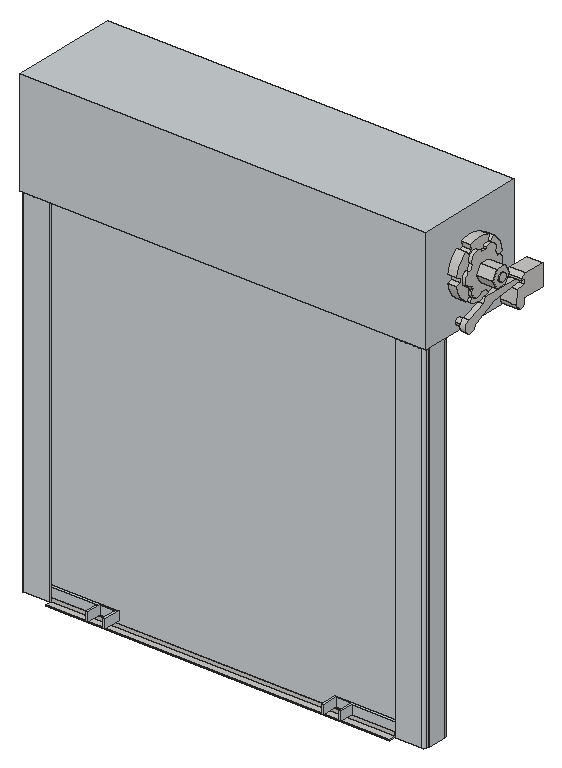
Revit family "Overhead_Door-CHI_Overhead_Doors-Counter_Shutter-7500", category Specialty Equipment, host Wall, Revit 2026
Family settings
  Host = Wall
  Round Connector Dimension = Use Diameter
  Part Type = Normal
  Classification Number = 23.30.10.21
  Enable Cutting in Views = No
  Always vertical = Yes
  Cut with Voids When Loaded = No
  Maintain Annotation Orientation = No
  Shared = No
  Room Calculation Point = No
Parameters (values of type "Fire Counter Shutter - 7566 - Stainless Steel - F1.5 Flat Slat")
  Warranty URL = "https://www.chiohd.com/support/warranty"
  Voltage = 0 V
  Version = "2021-v1.a"  # constant formula
  URL = "https://www.chiohd.com/"
  Support Phone = "(224) 699-9545"  # constant formula
  Support Email = "mailto:support@bimsmith.com"
  Steel Gauge = "min. 22"  # constant formula
  Shutter Box Bottom Gap = 0' - 1 1/2"  # constant formula
  Rail Length [instance] = Opening Height + 0' 1 1/2"  # 3' - 1 1/2"
  Product Page URL = "https://www.chiohd.com/commercial-doors/fire-shutters/7566"
  Product Documentation Link = "https://cdn2.hubspot.net/hubfs/2029938/Architects-Specifications/roll-up-door-7500.pdf"
  Panel Thickness = 0' - 0 1/2"  # constant formula
  Panel Finish = Steel - C.H.I Overhead Doors - F1.5 Flat Slat - Stainless
  Operator Selection [instance] = if(and(Opening Width > 10' 4", Operator = 1), "Not Supported for the Selected Width", if(Operator = 1, "Manual Push-Up", if(Operator = 2, "Awning Crank", if(Operator = 3, "Motor", "Select Operator"))))  # "Manual Push-Up"
  Operator [instance] = 1
  Opening Width [instance] = if(Desired Opening Width < C Min Width, C Min Width, if(Desired Opening Width > C Max Width, C Max Width, Desired Opening Width))  # 3' - 0"
  Opening Height [instance] = if(Desired Opening Height < C Min Height, C Min Height, if(Desired Opening Height > C Max Height, C Max Height, Desired Opening Height))  # 3' - 0"
  Number of Poles = 1
  Motor [instance] = Operator = 3  # no
  Model = if(C Model = 1, "7522", if(C Model = 2, "7566", "NA"))  # "7566"
  Material = Steel - C.H.I Overhead Doors - Stainless
  Manufacturer Phone Number = "800-738-5006"  # constant formula
  Manufacturer Fax Number = "800-677-2650"  # constant formula
  Manufacturer Email = "mailto:aia@chiohd.com"
  Manufacturer Address = "1485 Sunrise Drive, Arthur, IL 61911"  # constant formula
  Manufacturer = "C.H.I. Overhead Doors"  # constant formula
  Manual Shutterbox [instance] = or([C Manual Push-Up], Operator = 2)  # yes
  Manual Push-Up [instance] = Operator = 1  # yes
  Locks Material = Steel - C.H.I Overhead Doors - Stainless
  Load Classification = Motor
  Keynote = "08 30 00"
  Guides Material = Steel - C.H.I Overhead Doors - Stainless
  Fire Rating = "3/4 Hr | 1-1/2 Hr | 3 Hr"  # constant formula
  Door Size Limits [instance] = "Min Size 3' x 3' │ Max Size 13'W x 8'-4\"H"  # constant formula
  Desired Opening Height [instance] = 3' - 0"
  Desired Opening Width [instance] = 3' - 0"
  Description = "Fire Shutter Door"  # constant formula
  Default Elevation = 2' - 4"  # constant formula
  Copyright = "©2024 C.H.I. Overhead Doors - a NUCOR® company All information presented is based on the specifications and features available at the time of printing and is subject to change without notice."  # constant formula
  C Model = 2
  C Manual Push-Up [instance] = if(and(Opening Width > 10' 4", Operator = 1), 0 = 1, [Manual Push-Up])  # yes
  C Awning Crank [instance] = if(and(Opening Width > 10' 4", Operator = 1), 1 = 1, Awning Crank)  # no
  Back Room = 0' - 11 1/2"  # constant formula
  Awning Crank [instance] = Operator = 2  # no
  C Y [instance] = 0' - 3 1/4"  # constant formula
  C X [instance] = if(C Awning Crank, 0' 4 33/256", 0' 6 33/256")  # 0' - 6 33/256"
  Side Extension [instance] = if(C Awning Crank, 0' 7 1/2", 0' 5 1/2")  # 0' - 5 1/2"
  C Min Width [instance] = 3' - 0"  # constant formula
  C Min Height [instance] = 3' - 0"  # constant formula
  C Max Width [instance] = 13' - 0"  # constant formula
  C Max Height [instance] = 8' - 4"  # constant formula
  C Headroom [instance] = 1' - 0 1/2"  # constant formula
  C H [instance] = 1' - 0 1/2"  # constant formula
  C D [instance] = 0' - 6 1/2"  # constant formula
  Assembly Code = "B2030410"
  Apparent Load Phase 3 = 0 VA
  Apparent Load Phase 2 = 0 VA
  Apparent Load Phase 1 = 0 VA
Reference planes (in)
  plane 1: y = 0
  plane 2 "Center (Left/Right)": x = 0
  plane 3 "Wall Edge": y = 3
  plane 4: x = -18
  plane 5: x = 18
  plane 6: z = 28
  plane 7: z = 76.5
  plane 8: z = 65.5
  plane 9: x = 24.5
  plane 10: x = -23.5
  plane 11: x = 21.25
  plane 12: x = -21.25
  plane 13: z = 64
  plane 14: y = 3.7501
  plane 15: y = 14.5
  plane 16: z = 71
  plane 17: x = -21.25
  plane 18: y = 8.75
  plane 19: z = 84.4
Forms (in)
  Extrusion 1, solid, material "Steel - C.H.I Overhead Doors - Stainless" <- "Material"
    sketch origin (0, 0, 0) x (0, 1, 0) y (0, 0, 1)
      loop
        line (3, 76.5) -> (3, 65.5) -> (14.5, 65.5) -> (14.5, 76.5) -> (3, 76.5)
    from -21.25 to 21.25
  Extrusion 2, solid, material "Steel - C.H.I Overhead Doors - Stainless" <- "Locks Material", detail levels fine
    sketch origin (0, 0, 0) x (1, 0, 0) y (0, 1, 0)
      loop
        line (19, 3.5001) -> (11.33608, 3.5001) -> (11.33608, 1.7502) -> (11.56687, 1.7502) -> (11.56687, 3.31254) -> (13.13107, 3.31254) -> (13.13107, 1.7502) -> (13.36185, 1.7502) -> (13.36185, 3.12498) -> (19, 3.12498) -> (19, 3.5001)
      loop
        line (-19, 3.5001) -> (-19, 3.12498) -> (-13.36185, 3.12498) -> (-13.36185, 1.7502) -> (-13.13107, 1.7502) -> (-13.13107, 3.31254) -> (-11.56687, 3.31254) -> (-11.56687, 1.7502) -> (-11.33608, 1.7502) -> (-11.33608, 3.5001) -> (-19, 3.5001)
    from 28.43734 to 29.36549
  Extrusion 3, solid, material "Steel - C.H.I Overhead Door", detail levels fine
    sketch origin (0, 0, 0) x (0, 1, 0) y (0, 0, 1)
      loop
        line (2.31159, 28.06864) -> (2.31159, 28) -> (3.12498, 28) -> (3.12498, 28.43734) -> (3.06159, 28.43734) -> (3.06159, 28.06864) -> (2.31159, 28.06864)
    from -18 to 18
Lines and regions (in)
  Opening 1
    outline origin (-60, -3, 0) x (1, 0, 0) y (0, 0, 1)
      loop
        line (78, 64) -> (42, 64) -> (42, 28) -> (78, 28) -> (78, 64)
Text (in)
  text "Placement Side" at (0, 40.15149, 123.01588), in view "Right"
  text "Placement Side" at (-70.3804, 28.46503, 0), in view "Ref. Level"
  text "Placement Side" at (0, 81.62555, 140.59947), in view "Left"
Dimensions and locks (in)
  locked: plane 3 "Wall Edge" to host wall
  "C H": plane 7 to plane 13
  "Side Extension": plane 10 to plane 4
  "C Y": plane 4 to plane 12
  "C D": plane 9 to plane 5
  "C Y": plane 11 to plane 5
  equal spacing: plane 5, plane 2 "Center (Left/Right)", plane 4
  "Shutter Box Bottom Gap": plane 13 to plane 8
  "Opening Width": plane 5 to plane 4
  nested 3 to plane 3 "Wall Edge" = 0' - 1.37522"
  locked: plane 14 to plane 3 "Wall Edge" at 0.7501
  locked: nested 1 to plane 14 at 0.25
  "Back Room": plane 3 "Wall Edge" to plane 15
  plane 3 "Wall Edge" to Extrusion 1 sketch curve = 0' - 0"
  equal spacing: plane 8, plane 16, plane 7
  locked: plane 10 to plane 17 at 2.25
  equal spacing: plane 15, plane 18, plane 3 "Wall Edge"
  nested 6 to plane 15 = 1' - 1"
  Extrusion 2 sketch curve to Extrusion 2 sketch curve to Extrusion 2 sketch curve to Extrusion 2 sketch curve to plane 5 to Extrusion 2 sketch curve = 0' - 0.23078" locked, 0' - 1.5642" locked, 0' - 0.23078" locked, 0' - 4.63815" locked, 0' - 1" locked
  Extrusion 2 sketch curve to Extrusion 2 sketch curve to Extrusion 2 sketch curve to plane 3 "Wall Edge" to Extrusion 2 sketch curve = 0' - 0.18756" locked, 0' - 0.18756" locked, 0' - 0 1/8" locked, 0' - 1.2498" locked  (x2)
  Extrusion 2 to Extrusion 2 to plane 6 = 0' - 0.92815" locked, 0' - 0.43734" locked
  Extrusion 2 sketch curve to Extrusion 2 sketch curve to Extrusion 2 sketch curve to Extrusion 2 sketch curve to Extrusion 2 sketch curve = 0' - 0.23078" locked, 0' - 1.5642" locked, 0' - 0.23078" locked, 0' - 5.63815" locked
  locked: Extrusion 2 sketch curve to plane 4 at 1
  Extrusion 2 sketch curve to plane 3 "Wall Edge" = 0' - 0.5001"
  plane 6 to Extrusion 3 sketch curve to Extrusion 3 sketch curve = 0' - 0.06864" locked, 0' - 0.3687" locked
  Extrusion 3 sketch curve to Extrusion 3 sketch curve to plane 3 "Wall Edge" to Extrusion 3 sketch curve = 0' - 0.06339" locked, 0' - 0.06159" locked, 0' - 0.68841" locked
  "Opening Height": plane 6 to plane 13
  "Default Elevation": level to plane 6
  aligned and locked: plane 5 to Opening 1 sketch curve
  aligned and locked: plane 4 to Opening 1 sketch curve
  aligned and locked: plane 6 to Opening 1 sketch curve
  aligned and locked: plane 2 "Center (Left/Right)" to nested 1
  aligned and locked: plane 5 to nested 2
  aligned and locked: plane 3 "Wall Edge" to nested 2
  aligned and locked: nested 3 to plane 3 "Wall Edge"
  aligned and locked: Opening 1 sketch curve to plane 13
  aligned and locked: plane 4 to nested 3
  aligned and locked: Extrusion 1 sketch curve to plane 7
  aligned and locked: plane 8 to Extrusion 1 sketch curve
  aligned and locked: plane 15 to Extrusion 1 sketch curve
  aligned and locked: Extrusion 1 to plane 11
  aligned and locked: plane 16 to nested 4  (x2)
  aligned and locked: Extrusion 1 to plane 17
  aligned and locked: nested 4 to plane 11
  aligned and locked: plane 17 to nested 5
  aligned and locked: plane 15 to nested 6
  aligned and locked: nested 6 to plane 17
  aligned and locked: plane 16 to nested 6
  aligned and locked: plane 18 to nested 5
  aligned and locked: plane 18 to nested 4
  aligned and locked: plane 16 to nested 5
  aligned and locked: Extrusion 2 sketch curve to Extrusion 2 sketch curve  (x2)
  aligned and locked: Extrusion 3 sketch curve to plane 6
  aligned and locked: Extrusion 3 to plane 4
  aligned and locked: plane 5 to Extrusion 3
  aligned and locked: nested 3 to plane 6
  aligned and locked: plane 6 to nested 2
  aligned and locked: plane 6 to nested 1
Nested families (in)
  nested 1: "Nested-Panel" at (0, 4.0001, 28), type "Default"
    with Top Offset 1' - 0", Thickness 0' - 0 1/2", Opening Width 3' - 0", Opening Height 3' - 0"
  nested 2: "Nested-Rails" at (18, 3, 28), Height <- "Rail Length", type "Family1"
    with Height 3' - 1 1/2"
  nested 3: "Nested-Rails" at (-18, 3, 28) x (-1, 0, 0) z (0, 0, 1), Height <- "Rail Length", type "Family1"
    with Height 3' - 1 1/2"
  nested 4: "Tension&Drive Headplates" at (21.875, 8.75, 65.5) x (0, 1, 0) z (0, 0, 1), type "Tension Head Plate"
  nested 5: "Tension&Drive Headplates" at (-20.625, 8.75, 65.5) x (0, 1, 0) z (0, 0, 1), type "Drive Head Plate"
  nested 6: "Motor" at (-12.75, 14.5, 65.5) x (-1, 0, 0) z (0, 0, 1), visible <- "Motor", type "FS-EP Motor"
Connectors (in)
  electrical at (-21.25, 25.33333, 71), driven by "Number of Poles", driven by "Load Classification", driven by "Voltage", driven by "Apparent Load Phase 1", driven by "Apparent Load Phase 2", driven by "Apparent Load Phase 3"
    settings: on nested 6, index 1, voltage 0 V, apparent load 0 VA, apparent load phase1 0 VA, apparent load phase2 0 VA, apparent load phase3 0 VA, power factor 1, load classification "Motor", number of poles 1, system type 31, power factor state 1, is connector primary yes, connector utility no, sub classification motor no, connector description "Power Supply"
Definition of nested family "Nested-Panel"
  Parameters (values of type "Family7")
    Top Offset = 0' - 2.53682"
    Thickness = 0' - 1.16832"
    Surface Materal = none
    Side Offset = 0' - 1"
    Opening Width = 3' - 4.99828"
    Opening Height = 2' - 7.35197"
    Material = none
    Default Elevation = 0' - 0"
  Reference planes (in)
    plane 1 "Center (Front/Back)": y = 0
    plane 2: z = 0
    plane 3 "Center (Left/Right)": x = 0
    plane 4: x = -20.49914
    plane 5: x = 20.49914
    plane 6: z = 31.35197
    plane 7: y = -1.16832
    plane 8: x = 21.49914
    plane 9: x = -21.49914
    plane 10: z = 33.88879
  Forms (in)
    Extrusion 1, solid, material <- "Material"
      sketch origin (0, 0, 0) x (1, 0, 0) y (0, 1, 0)
        loop
          line (-21.49914, 0) -> (-21.49914, -1.16832) -> (21.49914, -1.16832) -> (21.49914, 0) -> (-21.49914, 0)
      from 0 to 33.88879
  Lines and regions (in)
    Filled region 1, type "Patterns Rolling Fire-1", in view "Ref. Level"
      outline origin (0, 0, 0) x (1, 0, 0) y (0, 1, 0)
        loop
          spline (33.88134, 3.626) -> (33.87738, 3.62284) -> (33.87368, 3.61919) -> (33.87026, 3.61503) -> (33.86711, 3.61037) -> (33.86422, 3.6052) -> (33.86161, 3.59953) -> (33.85934, 3.59342) -> (33.85748, 3.58692) -> (33.85604, 3.58004) -> (33.85501, 3.57278) -> (33.85439, 3.56514) -> (33.85418, 3.55712)
          spline (33.85418, 3.55712) -> (33.85426, 3.55237) -> (33.8545, 3.54774) -> (33.8549, 3.54322) -> (33.85546, 3.53882) -> (33.85619, 3.53454) -> (33.85707, 3.53037) -> (33.85811, 3.52631) -> (33.85932, 3.52238) -> (33.86068, 3.51856) -> (33.86221, 3.51485) -> (33.8639, 3.51126) -> (33.86575, 3.50779)
          spline (33.86575, 3.50779) -> (33.87049, 3.50036) -> (33.87563, 3.49428) -> (33.88116, 3.48956) -> (33.88701, 3.48619) -> (33.89351, 3.48417) -> (33.89935, 3.48347) -> (33.90366, 3.48371) -> (33.90718, 3.48438) -> (33.91057, 3.48546) -> (33.91421, 3.487) -> (33.9179, 3.48897) -> (33.9216, 3.49138)
          spline (33.9216, 3.49138) -> (33.92344, 3.49278) -> (33.92522, 3.4943) -> (33.92695, 3.49595) -> (33.92862, 3.49774) -> (33.93024, 3.49966) -> (33.9318, 3.50171) -> (33.93331, 3.5039) -> (33.93476, 3.50622) -> (33.93616, 3.50866) -> (33.9375, 3.51125) -> (33.93879, 3.51396) -> (33.94002, 3.5168)
          spline (33.94002, 3.5168) -> (33.94222, 3.52285) -> (33.94402, 3.52932) -> (33.94543, 3.53621) -> (33.94644, 3.5434) -> (33.94704, 3.55113) -> (33.94724, 3.56051) -> (33.94677, 3.57075) -> (33.9454, 3.58142) -> (33.94312, 3.5914) -> (33.93992, 3.60043) -> (33.93581, 3.60863) -> (33.93079, 3.61601)
          spline (33.93079, 3.61601) -> (33.92631, 3.62117) -> (33.92162, 3.62539) -> (33.91679, 3.62867) -> (33.91178, 3.63102) -> (33.90621, 3.63238) -> (33.90124, 3.63288) -> (33.89764, 3.63271) -> (33.89441, 3.6321) -> (33.89109, 3.63115) -> (33.88777, 3.62983) -> (33.88453, 3.62811) -> (33.88134, 3.626)
    Filled region 2, type "Patterns Rolling Fire-1", in view "Ref. Level"
      outline origin (0, 0, 0) x (1, 0, 0) y (0, 1, 0)
        loop
          spline (33.98999, 3.626) -> (33.98603, 3.62284) -> (33.98233, 3.61919) -> (33.97891, 3.61503) -> (33.97576, 3.61037) -> (33.97287, 3.6052) -> (33.97026, 3.59953) -> (33.96799, 3.59342) -> (33.96613, 3.58692) -> (33.96469, 3.58004) -> (33.96366, 3.57278) -> (33.96304, 3.56514) -> (33.96283, 3.55712)
          spline (33.96283, 3.55712) -> (33.96291, 3.55237) -> (33.96315, 3.54774) -> (33.96355, 3.54322) -> (33.96411, 3.53882) -> (33.96483, 3.53454) -> (33.96572, 3.53037) -> (33.96676, 3.52631) -> (33.96797, 3.52238) -> (33.96933, 3.51856) -> (33.97086, 3.51485) -> (33.97255, 3.51126) -> (33.9744, 3.50779)
          spline (33.9744, 3.50779) -> (33.97914, 3.50036) -> (33.98428, 3.49428) -> (33.98981, 3.48956) -> (33.99566, 3.48619) -> (34.00216, 3.48417) -> (34.008, 3.48347) -> (34.01231, 3.48371) -> (34.01583, 3.48438) -> (34.01922, 3.48546) -> (34.02286, 3.487) -> (34.02655, 3.48897) -> (34.03025, 3.49138)
          spline (34.03025, 3.49138) -> (34.03209, 3.49278) -> (34.03387, 3.4943) -> (34.0356, 3.49595) -> (34.03727, 3.49774) -> (34.03889, 3.49966) -> (34.04045, 3.50171) -> (34.04196, 3.5039) -> (34.04341, 3.50622) -> (34.04481, 3.50866) -> (34.04615, 3.51125) -> (34.04744, 3.51396) -> (34.04867, 3.5168)
          spline (34.04867, 3.5168) -> (34.05087, 3.52285) -> (34.05267, 3.52932) -> (34.05408, 3.53621) -> (34.05509, 3.5434) -> (34.05569, 3.55113) -> (34.05588, 3.56051) -> (34.05542, 3.57075) -> (34.05405, 3.58142) -> (34.05177, 3.5914) -> (34.04857, 3.60043) -> (34.04446, 3.60863) -> (34.03944, 3.61601)
          spline (34.03944, 3.61601) -> (34.03496, 3.62117) -> (34.03027, 3.62539) -> (34.02544, 3.62867) -> (34.02043, 3.63102) -> (34.01486, 3.63238) -> (34.00989, 3.63288) -> (34.00629, 3.63271) -> (34.00306, 3.6321) -> (33.99974, 3.63115) -> (33.99642, 3.62983) -> (33.99318, 3.62811) -> (33.98999, 3.626)
    Filled region 3, type "Patterns Rolling Fire-1", in view "Ref. Level"
      outline origin (0, 0, 0) x (1, 0, 0) y (0, 1, 0)
        loop
          spline (34.21632, 4.22132) -> (34.21726, 4.2198) -> (34.21838, 4.2182) -> (34.21967, 4.21652) -> (34.22114, 4.21477) -> (34.22279, 4.21293) -> (34.22461, 4.21102) -> (34.22661, 4.20902) -> (34.22878, 4.20695) -> (34.23113, 4.2048) -> (34.23366, 4.20257) -> (34.23635, 4.20026) -> (34.23923, 4.19787)
          spline (34.23923, 4.19787) -> (34.23657, 4.19591) -> (34.23404, 4.19398) -> (34.23165, 4.19208) -> (34.2294, 4.19021) -> (34.22728, 4.18837) -> (34.22529, 4.18655) -> (34.22344, 4.18477) -> (34.22173, 4.18301) -> (34.22015, 4.18129) -> (34.2187, 4.17959) -> (34.21739, 4.17792) -> (34.21621, 4.17628)
          spline (34.21621, 4.17628) -> (34.21416, 4.17301) -> (34.21249, 4.16973) -> (34.21119, 4.16644) -> (34.21026, 4.16316) -> (34.20969, 4.15989) -> (34.20952, 4.15646) -> (34.2098, 4.15256) -> (34.21057, 4.14833) -> (34.21189, 4.1443) -> (34.21374, 4.14048) -> (34.21612, 4.13674) -> (34.21903, 4.1331)
          spline (34.21903, 4.1331) -> (34.22801, 4.12567) -> (34.23915, 4.12121) -> (34.25215, 4.11971) -> (34.2645, 4.12096) -> (34.27502, 4.1247) -> (34.28388, 4.13093) -> (34.29059, 4.13894) -> (34.29461, 4.14791) -> (34.29595, 4.15788) -> (34.29502, 4.16619) -> (34.29221, 4.17408) -> (34.28756, 4.18174)
          spline (34.28756, 4.18174) -> (34.28641, 4.18321) -> (34.28508, 4.18478) -> (34.28357, 4.18644) -> (34.28188, 4.18818) -> (34.28001, 4.19002) -> (34.27795, 4.19195) -> (34.27571, 4.19396) -> (34.27329, 4.19607) -> (34.27069, 4.19826) -> (34.2679, 4.20054) -> (34.26494, 4.20292) -> (34.26179, 4.20538)
          spline (34.26179, 4.20538) -> (34.26485, 4.20733) -> (34.26773, 4.20924) -> (34.27043, 4.2111) -> (34.27296, 4.21292) -> (34.2753, 4.2147) -> (34.27746, 4.21643) -> (34.27944, 4.21812) -> (34.28125, 4.21977) -> (34.28287, 4.22137) -> (34.28431, 4.22293) -> (34.28558, 4.22445) -> (34.28667, 4.22592)
          spline (34.28667, 4.22592) -> (34.28849, 4.22885) -> (34.28998, 4.23174) -> (34.29114, 4.23454) -> (34.29197, 4.23729) -> (34.29247, 4.24018) -> (34.29263, 4.24339) -> (34.2923, 4.24704) -> (34.29139, 4.25107) -> (34.28986, 4.25501) -> (34.28771, 4.25866) -> (34.28494, 4.26215) -> (34.28156, 4.26551)
          spline (34.28156, 4.26551) -> (34.27768, 4.26852) -> (34.27342, 4.27098) -> (34.26877, 4.27289) -> (34.26369, 4.27425) -> (34.25815, 4.27507) -> (34.25233, 4.27533) -> (34.24644, 4.27504) -> (34.24077, 4.27416) -> (34.23554, 4.2727) -> (34.23077, 4.27065) -> (34.2264, 4.26802) -> (34.22244, 4.26481)
          spline (34.22244, 4.26481) -> (34.219, 4.26117) -> (34.21618, 4.25732) -> (34.21399, 4.25323) -> (34.21242, 4.24889) -> (34.21151, 4.24438) -> (34.21118, 4.24008) -> (34.21128, 4.23649) -> (34.21174, 4.23337) -> (34.21247, 4.23035) -> (34.21347, 4.22731) -> (34.21475, 4.22429) -> (34.21632, 4.22132)
    Filled region 4, type "Patterns Rolling Fire-1", in view "Ref. Level"
      outline origin (0, 0, 0) x (1, 0, 0) y (0, 1, 0)
        loop
          spline (36.31998, 5.04013) -> (36.32092, 5.03861) -> (36.32204, 5.03701) -> (36.32334, 5.03533) -> (36.32481, 5.03358) -> (36.32645, 5.03174) -> (36.32828, 5.02983) -> (36.33027, 5.02783) -> (36.33245, 5.02576) -> (36.3348, 5.02361) -> (36.33732, 5.02138) -> (36.34002, 5.01907) -> (36.3429, 5.01668)
          spline (36.3429, 5.01668) -> (36.34024, 5.01472) -> (36.33772, 5.01279) -> (36.33532, 5.01089) -> (36.33307, 5.00902) -> (36.33095, 5.00718) -> (36.32896, 5.00536) -> (36.32711, 5.00358) -> (36.32539, 5.00182) -> (36.3238, 5.0001) -> (36.32235, 4.9984) -> (36.32104, 4.99673) -> (36.31986, 4.99509)
          spline (36.31986, 4.99509) -> (36.31782, 4.99182) -> (36.31615, 4.98854) -> (36.31485, 4.98525) -> (36.31391, 4.98197) -> (36.31334, 4.9787) -> (36.31317, 4.97527) -> (36.31345, 4.97137) -> (36.31423, 4.96714) -> (36.31554, 4.96311) -> (36.3174, 4.95929) -> (36.31978, 4.95555) -> (36.32268, 4.95191)
          spline (36.32268, 4.95191) -> (36.32693, 4.94783) -> (36.33168, 4.94448) -> (36.33695, 4.94188) -> (36.34282, 4.94002) -> (36.3492, 4.9389) -> (36.35583, 4.93852) -> (36.36225, 4.93883) -> (36.36815, 4.93977) -> (36.37362, 4.94133) -> (36.37869, 4.94351) -> (36.38333, 4.94632) -> (36.38755, 4.94974)
          spline (36.38755, 4.94974) -> (36.39123, 4.95362) -> (36.39425, 4.95774) -> (36.39659, 4.96212) -> (36.39826, 4.96676) -> (36.39926, 4.97174) -> (36.39961, 4.97679) -> (36.39939, 4.98113) -> (36.39867, 4.985) -> (36.39749, 4.98887) -> (36.39586, 4.9928) -> (36.39377, 4.99672) -> (36.39121, 5.00055)
          spline (36.39121, 5.00055) -> (36.39007, 5.00202) -> (36.38874, 5.00359) -> (36.38724, 5.00525) -> (36.38555, 5.00699) -> (36.38368, 5.00883) -> (36.38162, 5.01076) -> (36.37938, 5.01277) -> (36.37696, 5.01488) -> (36.37436, 5.01707) -> (36.37158, 5.01935) -> (36.36861, 5.02173) -> (36.36546, 5.02419)
          spline (36.36546, 5.02419) -> (36.36852, 5.02614) -> (36.3714, 5.02805) -> (36.3741, 5.02991) -> (36.37662, 5.03173) -> (36.37896, 5.03351) -> (36.38112, 5.03524) -> (36.3831, 5.03693) -> (36.3849, 5.03858) -> (36.38652, 5.04018) -> (36.38797, 5.04174) -> (36.38923, 5.04326) -> (36.39032, 5.04473)
          spline (36.39032, 5.04473) -> (36.39214, 5.04766) -> (36.39363, 5.05055) -> (36.39479, 5.05335) -> (36.39562, 5.0561) -> (36.39613, 5.05899) -> (36.39628, 5.0622) -> (36.39596, 5.06585) -> (36.39505, 5.06988) -> (36.39352, 5.07382) -> (36.39137, 5.07747) -> (36.38861, 5.08096) -> (36.38523, 5.08432)
          spline (36.38523, 5.08432) -> (36.37708, 5.08979) -> (36.36732, 5.09306) -> (36.3559, 5.09415) -> (36.34446, 5.09297) -> (36.33444, 5.08947) -> (36.32611, 5.08361) -> (36.31984, 5.07614) -> (36.31608, 5.06765) -> (36.31483, 5.05891) -> (36.31539, 5.05213) -> (36.31713, 5.04612) -> (36.31998, 5.04013)
    Filled region 5, type "Patterns Rolling Fire-1", in view "Ref. Level"
      outline origin (0, 0, 0) x (1, 0, 0) y (0, 1, 0)
        loop
          line (33.74694, 5.82199) -> (33.74139, 5.90452)
          spline (33.74139, 5.90452) -> (33.73782, 5.9009) -> (33.73468, 5.89785) -> (33.7319, 5.89534) -> (33.7294, 5.89334) -> (33.72709, 5.89181) -> (33.72489, 5.89073) -> (33.72271, 5.89004) -> (33.72047, 5.88974) -> (33.71809, 5.88977) -> (33.71549, 5.89012) -> (33.71261, 5.89075) -> (33.70935, 5.89164)
          spline (33.70935, 5.89164) -> (33.67492, 5.90309) -> (33.63551, 5.90266) -> (33.59501, 5.8878) -> (33.56238, 5.85937) -> (33.54113, 5.81965) -> (33.53388, 5.77373) -> (33.54488, 5.7189) -> (33.58366, 5.67059) -> (33.65174, 5.65061) -> (33.69263, 5.65732) -> (33.72523, 5.67777) -> (33.74694, 5.71671)
          spline (33.74694, 5.71671) -> (33.71335, 5.68045) -> (33.68062, 5.66753) -> (33.63975, 5.66963) -> (33.60411, 5.68913) -> (33.58204, 5.72465) -> (33.5747, 5.77355) -> (33.58247, 5.83093) -> (33.60452, 5.86957) -> (33.63728, 5.88857) -> (33.67861, 5.88983) -> (33.71632, 5.86932) -> (33.74694, 5.82199)
    Filled region 6, type "Patterns Rolling Fire-1", in view "Ref. Level"
      outline origin (0, 0, 0) x (1, 0, 0) y (0, 1, 0)
        loop
          line (34.54155, 5.82199) -> (34.536, 5.90452)
          spline (34.536, 5.90452) -> (34.53243, 5.9009) -> (34.52929, 5.89785) -> (34.52651, 5.89534) -> (34.52401, 5.89334) -> (34.5217, 5.89181) -> (34.5195, 5.89073) -> (34.51732, 5.89004) -> (34.51508, 5.88974) -> (34.5127, 5.88977) -> (34.5101, 5.89012) -> (34.50721, 5.89075) -> (34.50396, 5.89164)
          spline (34.50396, 5.89164) -> (34.46953, 5.90309) -> (34.43012, 5.90266) -> (34.38962, 5.8878) -> (34.35699, 5.85937) -> (34.33573, 5.81965) -> (34.32849, 5.77373) -> (34.33949, 5.7189) -> (34.37827, 5.67059) -> (34.44635, 5.65061) -> (34.48724, 5.65732) -> (34.51984, 5.67777) -> (34.54155, 5.71671)
          spline (34.54155, 5.71671) -> (34.50796, 5.68045) -> (34.47522, 5.66753) -> (34.43435, 5.66963) -> (34.39871, 5.68913) -> (34.37665, 5.72465) -> (34.36931, 5.77355) -> (34.37708, 5.83093) -> (34.39913, 5.86957) -> (34.43189, 5.88857) -> (34.47322, 5.88983) -> (34.51093, 5.86932) -> (34.54155, 5.82199)
    Filled region 7, type "Patterns Rolling Fire-1", in view "Ref. Level"
      outline origin (0, 0, 0) x (1, 0, 0) y (0, 1, 0)
        loop
          spline (35.17547, 5.68923) -> (35.16926, 5.68535) -> (35.16252, 5.68259) -> (35.15529, 5.68091) -> (35.14746, 5.68037) -> (35.13581, 5.68168) -> (35.12486, 5.68557) -> (35.11472, 5.69205) -> (35.10538, 5.70111) -> (35.09757, 5.71248) -> (35.09199, 5.72584) -> (35.0887, 5.74114) -> (35.08766, 5.75842)
          line (35.08766, 5.75842) -> (35.20099, 5.75842)
          spline (35.20099, 5.75842) -> (35.20087, 5.76341) -> (35.2005, 5.76823) -> (35.19988, 5.77288) -> (35.19902, 5.77736) -> (35.19791, 5.78166) -> (35.19655, 5.7858) -> (35.19495, 5.78976) -> (35.19311, 5.79356) -> (35.19102, 5.79719) -> (35.18868, 5.80064) -> (35.1861, 5.80393) -> (35.18327, 5.80705)
          spline (35.18327, 5.80705) -> (35.15923, 5.82206) -> (35.12743, 5.82454) -> (35.09526, 5.81195) -> (35.07183, 5.78393) -> (35.06237, 5.74296) -> (35.06749, 5.70114) -> (35.08682, 5.67052) -> (35.11512, 5.65373) -> (35.14685, 5.65241) -> (35.17288, 5.66518) -> (35.19132, 5.68912) -> (35.19544, 5.71957)
          spline (35.19544, 5.71957) -> (35.19407, 5.71608) -> (35.19264, 5.71276) -> (35.19116, 5.70962) -> (35.18963, 5.70665) -> (35.18805, 5.70386) -> (35.18641, 5.70124) -> (35.18472, 5.6988) -> (35.18298, 5.69653) -> (35.18118, 5.69444) -> (35.17933, 5.69253) -> (35.17743, 5.69079) -> (35.17547, 5.68923)
    Filled region 8, type "Patterns Rolling Fire-1", in view "Ref. Level"
      outline origin (0, 0, 0) x (1, 0, 0) y (0, 1, 0)
        loop
          spline (38.0669, 6.47732) -> (38.06294, 6.47417) -> (38.05925, 6.47052) -> (38.05582, 6.46636) -> (38.05267, 6.46169) -> (38.04979, 6.45653) -> (38.04718, 6.45086) -> (38.0449, 6.44475) -> (38.04305, 6.43825) -> (38.04161, 6.43137) -> (38.04057, 6.42411) -> (38.03995, 6.41647) -> (38.03974, 6.40845)
          spline (38.03974, 6.40845) -> (38.03982, 6.4037) -> (38.04006, 6.39907) -> (38.04046, 6.39455) -> (38.04103, 6.39015) -> (38.04175, 6.38586) -> (38.04263, 6.3817) -> (38.04368, 6.37764) -> (38.04488, 6.37371) -> (38.04625, 6.36988) -> (38.04777, 6.36618) -> (38.04946, 6.36259) -> (38.05131, 6.35912)
          spline (38.05131, 6.35912) -> (38.05606, 6.35169) -> (38.06119, 6.34561) -> (38.06673, 6.34089) -> (38.07258, 6.33752) -> (38.07908, 6.3355) -> (38.08492, 6.3348) -> (38.08922, 6.33504) -> (38.09274, 6.33571) -> (38.09614, 6.33679) -> (38.09977, 6.33833) -> (38.10346, 6.3403) -> (38.10716, 6.34271)
          spline (38.10716, 6.34271) -> (38.109, 6.3441) -> (38.11079, 6.34563) -> (38.11251, 6.34728) -> (38.11419, 6.34907) -> (38.11581, 6.35099) -> (38.11737, 6.35304) -> (38.11887, 6.35523) -> (38.12033, 6.35754) -> (38.12172, 6.35999) -> (38.12306, 6.36257) -> (38.12435, 6.36529) -> (38.12558, 6.36813)
          spline (38.12558, 6.36813) -> (38.12778, 6.37418) -> (38.12959, 6.38065) -> (38.13099, 6.38754) -> (38.132, 6.39473) -> (38.1326, 6.40246) -> (38.1328, 6.41184) -> (38.13233, 6.42208) -> (38.13096, 6.43275) -> (38.12868, 6.44273) -> (38.12548, 6.45176) -> (38.12137, 6.45996) -> (38.11635, 6.46734)
          spline (38.11635, 6.46734) -> (38.11187, 6.4725) -> (38.10718, 6.47672) -> (38.10235, 6.48) -> (38.09734, 6.48234) -> (38.09177, 6.48371) -> (38.0868, 6.48421) -> (38.0832, 6.48404) -> (38.07997, 6.48343) -> (38.07665, 6.48248) -> (38.07334, 6.48116) -> (38.0701, 6.47944) -> (38.0669, 6.47732)
    Filled region 9, type "Patterns Rolling Fire-2", in view "Ref. Level"
      outline origin (0, 0, 0) x (1, 0, 0) y (0, 1, 0)
        loop
          spline (39.38645, 5.57923) -> (39.38044, 5.57547) -> (39.3739, 5.57279) -> (39.36701, 5.57116) -> (39.35915, 5.57064) -> (39.34811, 5.57191) -> (39.33749, 5.57566) -> (39.32769, 5.58194) -> (39.31867, 5.59072) -> (39.31111, 5.60171) -> (39.30571, 5.61461) -> (39.30253, 5.62941) -> (39.30152, 5.64613)
          line (39.30152, 5.64613) -> (39.41112, 5.64613)
          spline (39.41112, 5.64613) -> (39.40348, 5.68012) -> (39.38153, 5.70288) -> (39.35013, 5.71072) -> (39.3129, 5.7006) -> (39.28621, 5.67077) -> (39.27694, 5.62453) -> (39.28598, 5.58121) -> (39.31177, 5.55231) -> (39.34616, 5.54243) -> (39.37736, 5.5511) -> (39.39991, 5.57548) -> (39.40574, 5.60856)
          spline (39.40574, 5.60856) -> (39.40442, 5.60518) -> (39.40305, 5.60197) -> (39.40162, 5.59893) -> (39.40014, 5.59606) -> (39.39861, 5.59336) -> (39.39703, 5.59083) -> (39.39539, 5.58847) -> (39.39371, 5.58629) -> (39.39197, 5.58427) -> (39.39018, 5.58242) -> (39.38835, 5.58074) -> (39.38645, 5.57923)
    Filled region 10, type "Patterns Rolling Fire-1", in view "Ref. Level"
      outline origin (0, 0, 0) x (1, 0, 0) y (0, 1, 0)
        loop
          spline (37.65883, 3.626) -> (37.65487, 3.62284) -> (37.65117, 3.61919) -> (37.64775, 3.61503) -> (37.6446, 3.61037) -> (37.64172, 3.6052) -> (37.63911, 3.59953) -> (37.63683, 3.59342) -> (37.63498, 3.58692) -> (37.63353, 3.58004) -> (37.6325, 3.57278) -> (37.63188, 3.56514) -> (37.63167, 3.55712)
          spline (37.63167, 3.55712) -> (37.63175, 3.55237) -> (37.63199, 3.54774) -> (37.63239, 3.54322) -> (37.63296, 3.53882) -> (37.63368, 3.53454) -> (37.63456, 3.53037) -> (37.63561, 3.52631) -> (37.63681, 3.52238) -> (37.63818, 3.51856) -> (37.6397, 3.51485) -> (37.64139, 3.51126) -> (37.64324, 3.50779)
          spline (37.64324, 3.50779) -> (37.64799, 3.50036) -> (37.65312, 3.49428) -> (37.65866, 3.48956) -> (37.66451, 3.48619) -> (37.67101, 3.48417) -> (37.67685, 3.48347) -> (37.68115, 3.48371) -> (37.68467, 3.48438) -> (37.68807, 3.48546) -> (37.6917, 3.487) -> (37.69539, 3.48897) -> (37.69909, 3.49138)
          spline (37.69909, 3.49138) -> (37.70093, 3.49278) -> (37.70272, 3.4943) -> (37.70444, 3.49595) -> (37.70612, 3.49774) -> (37.70773, 3.49966) -> (37.7093, 3.50171) -> (37.7108, 3.5039) -> (37.71225, 3.50622) -> (37.71365, 3.50866) -> (37.71499, 3.51125) -> (37.71628, 3.51396) -> (37.71751, 3.5168)
          spline (37.71751, 3.5168) -> (37.71971, 3.52285) -> (37.72151, 3.52932) -> (37.72292, 3.53621) -> (37.72393, 3.5434) -> (37.72453, 3.55113) -> (37.72473, 3.56051) -> (37.72426, 3.57075) -> (37.72289, 3.58142) -> (37.72061, 3.5914) -> (37.71741, 3.60043) -> (37.7133, 3.60863) -> (37.70828, 3.61601)
          spline (37.70828, 3.61601) -> (37.7038, 3.62117) -> (37.69911, 3.62539) -> (37.69428, 3.62867) -> (37.68927, 3.63102) -> (37.6837, 3.63238) -> (37.67873, 3.63288) -> (37.67513, 3.63271) -> (37.6719, 3.6321) -> (37.66858, 3.63115) -> (37.66527, 3.62983) -> (37.66203, 3.62811) -> (37.65883, 3.626)
    Filled region 11, type "Patterns Rolling Fire-1", in view "Ref. Level"
      outline origin (0, 0, 0) x (1, 0, 0) y (0, 1, 0)
        loop
          spline (34.05995, 6.47732) -> (34.05598, 6.47417) -> (34.05229, 6.47052) -> (34.04886, 6.46636) -> (34.04571, 6.46169) -> (34.04283, 6.45653) -> (34.04022, 6.45086) -> (34.03795, 6.44475) -> (34.03609, 6.43825) -> (34.03465, 6.43137) -> (34.03361, 6.42411) -> (34.03299, 6.41647) -> (34.03278, 6.40845)
          spline (34.03278, 6.40845) -> (34.03286, 6.4037) -> (34.03311, 6.39907) -> (34.03351, 6.39455) -> (34.03407, 6.39015) -> (34.03479, 6.38586) -> (34.03567, 6.3817) -> (34.03672, 6.37764) -> (34.03792, 6.37371) -> (34.03929, 6.36988) -> (34.04082, 6.36618) -> (34.0425, 6.36259) -> (34.04435, 6.35912)
          spline (34.04435, 6.35912) -> (34.0491, 6.35169) -> (34.05423, 6.34561) -> (34.05977, 6.34089) -> (34.06562, 6.33752) -> (34.07212, 6.3355) -> (34.07796, 6.3348) -> (34.08227, 6.33504) -> (34.08578, 6.33571) -> (34.08918, 6.33679) -> (34.09281, 6.33833) -> (34.0965, 6.3403) -> (34.10021, 6.34271)
          spline (34.10021, 6.34271) -> (34.10205, 6.3441) -> (34.10383, 6.34563) -> (34.10556, 6.34728) -> (34.10723, 6.34907) -> (34.10885, 6.35099) -> (34.11041, 6.35304) -> (34.11192, 6.35523) -> (34.11337, 6.35754) -> (34.11476, 6.35999) -> (34.11611, 6.36257) -> (34.11739, 6.36529) -> (34.11862, 6.36813)
          spline (34.11862, 6.36813) -> (34.12082, 6.37418) -> (34.12263, 6.38065) -> (34.12404, 6.38754) -> (34.12504, 6.39473) -> (34.12565, 6.40246) -> (34.12584, 6.41184) -> (34.12538, 6.42208) -> (34.124, 6.43275) -> (34.12172, 6.44273) -> (34.11853, 6.45176) -> (34.11442, 6.45996) -> (34.1094, 6.46734)
          spline (34.1094, 6.46734) -> (34.10491, 6.4725) -> (34.10022, 6.47672) -> (34.0954, 6.48) -> (34.09038, 6.48234) -> (34.08481, 6.48371) -> (34.07985, 6.48421) -> (34.07625, 6.48404) -> (34.07301, 6.48343) -> (34.06969, 6.48248) -> (34.06638, 6.48116) -> (34.06314, 6.47944) -> (34.05995, 6.47732)
  Dimensions and locks (in)
    equal spacing: plane 4, plane 3 "Center (Left/Right)", plane 5
    "Opening Width": plane 4 to plane 5
    "Opening Height": plane 6 to plane 2
    "Thickness": plane 7 to plane 1 "Center (Front/Back)"
    "Side Offset": plane 4 to plane 9
    "Side Offset": plane 8 to plane 5
    "Top Offset": plane 10 to plane 6
    aligned and locked: plane 2 to level
    aligned and locked: plane 1 "Center (Front/Back)" to Extrusion 1 sketch curve
    aligned and locked: plane 9 to Extrusion 1 sketch curve
    aligned and locked: plane 7 to Extrusion 1 sketch curve
    aligned and locked: Extrusion 1 sketch curve to plane 8
    aligned and locked: plane 10 to Extrusion 1
    aligned and locked: Extrusion 1 to level
  Automatic sketch dimensions
    Filled region 1 sketch curve to plane 1 "Center (Front/Back)" = 0' - 3.55712"
    plane 8 to Filled region 1 sketch curve = 1' - 0.35504"
    Filled region 1 sketch curve to plane 1 "Center (Front/Back)" = 0' - 3.50779"
    Filled region 1 sketch curve to Filled region 1 sketch curve = 0' - 0.01157"
    Filled region 1 sketch curve to plane 1 "Center (Front/Back)" = 0' - 3.626"
    Filled region 1 sketch curve to Filled region 1 sketch curve = 0' - 0.02716"
    Filled region 1 sketch curve to plane 1 "Center (Front/Back)" = 0' - 3.49138"
    Filled region 1 sketch curve to Filled region 1 sketch curve = 0' - 0.05585"
    Filled region 1 sketch curve to plane 1 "Center (Front/Back)" = 0' - 3.61601"
    Filled region 1 sketch curve to Filled region 1 sketch curve = 0' - 0.04945"
    Filled region 1 sketch curve to plane 1 "Center (Front/Back)" = 0' - 3.5168"
    Filled region 1 sketch curve to Filled region 1 sketch curve = 0' - 0.01842"
    Filled region 2 sketch curve to plane 1 "Center (Front/Back)" = 0' - 3.55712"
    plane 8 to Filled region 2 sketch curve = 1' - 0.46369"
    Filled region 2 sketch curve to plane 1 "Center (Front/Back)" = 0' - 3.50779"
    Filled region 2 sketch curve to Filled region 2 sketch curve = 0' - 0.01157"
    Filled region 2 sketch curve to plane 1 "Center (Front/Back)" = 0' - 3.626"
    Filled region 2 sketch curve to Filled region 2 sketch curve = 0' - 0.02716"
    Filled region 2 sketch curve to plane 1 "Center (Front/Back)" = 0' - 3.49138"
    Filled region 2 sketch curve to Filled region 2 sketch curve = 0' - 0.05585"
    Filled region 2 sketch curve to plane 1 "Center (Front/Back)" = 0' - 3.61601"
    Filled region 2 sketch curve to Filled region 2 sketch curve = 0' - 0.04945"
    Filled region 2 sketch curve to plane 1 "Center (Front/Back)" = 0' - 3.5168"
    Filled region 2 sketch curve to Filled region 2 sketch curve = 0' - 0.01842"
    Filled region 3 sketch curve to plane 1 "Center (Front/Back)" = 0' - 4.17628"
    plane 8 to Filled region 3 sketch curve = 1' - 0.71706"
    Filled region 3 sketch curve to plane 1 "Center (Front/Back)" = 0' - 4.22132"
    Filled region 3 sketch curve to Filled region 3 sketch curve = 0' - 0.00012"
    Filled region 3 sketch curve to plane 1 "Center (Front/Back)" = 0' - 4.1331"
    Filled region 3 sketch curve to Filled region 3 sketch curve = 0' - 0.00282"
    Filled region 3 sketch curve to plane 1 "Center (Front/Back)" = 0' - 4.26481"
    Filled region 3 sketch curve to Filled region 3 sketch curve = 0' - 0.00611"
    Filled region 3 sketch curve to plane 1 "Center (Front/Back)" = 0' - 4.19787"
    Filled region 3 sketch curve to Filled region 3 sketch curve = 0' - 0.02302"
    Filled region 3 sketch curve to plane 1 "Center (Front/Back)" = 0' - 4.20538"
    Filled region 3 sketch curve to Filled region 3 sketch curve = 0' - 0.02256"
    Filled region 3 sketch curve to plane 1 "Center (Front/Back)" = 0' - 4.26551"
    Filled region 3 sketch curve to Filled region 3 sketch curve = 0' - 0.05912"
    Filled region 3 sketch curve to plane 1 "Center (Front/Back)" = 0' - 4.22592"
    Filled region 3 sketch curve to Filled region 3 sketch curve = 0' - 0.02488"
    Filled region 3 sketch curve to plane 1 "Center (Front/Back)" = 0' - 4.18174"
    Filled region 3 sketch curve to Filled region 3 sketch curve = 0' - 0.02577"
    Filled region 4 sketch curve to plane 1 "Center (Front/Back)" = 0' - 4.99509"
    plane 8 to Filled region 4 sketch curve = 1' - 2.82072"
    Filled region 4 sketch curve to plane 1 "Center (Front/Back)" = 0' - 5.04013"
    Filled region 4 sketch curve to Filled region 4 sketch curve = 0' - 0.00012"
    Filled region 4 sketch curve to plane 1 "Center (Front/Back)" = 0' - 4.95191"
    Filled region 4 sketch curve to Filled region 4 sketch curve = 0' - 0.00282"
    Filled region 4 sketch curve to plane 1 "Center (Front/Back)" = 0' - 5.01668"
    Filled region 4 sketch curve to Filled region 4 sketch curve = 0' - 0.02304"
    Filled region 4 sketch curve to plane 1 "Center (Front/Back)" = 0' - 5.02419"
    Filled region 4 sketch curve to Filled region 4 sketch curve = 0' - 0.02256"
    Filled region 4 sketch curve to plane 1 "Center (Front/Back)" = 0' - 5.08432"
    Filled region 4 sketch curve to Filled region 4 sketch curve = 0' - 0.01977"
    Filled region 4 sketch curve to plane 1 "Center (Front/Back)" = 0' - 4.94974"
    Filled region 4 sketch curve to Filled region 4 sketch curve = 0' - 0.06487"
    Filled region 4 sketch curve to plane 1 "Center (Front/Back)" = 0' - 5.04473"
    Filled region 4 sketch curve to Filled region 4 sketch curve = 0' - 0.02486"
    Filled region 4 sketch curve to plane 1 "Center (Front/Back)" = 0' - 5.00055"
    Filled region 4 sketch curve to Filled region 4 sketch curve = 0' - 0.02575"
    Filled region 5 sketch curve to plane 1 "Center (Front/Back)" = 0' - 5.89164"
    plane 8 to Filled region 5 sketch curve = 1' - 0.21021"
    Filled region 5 sketch curve to plane 1 "Center (Front/Back)" = 0' - 5.90452"
    Filled region 5 sketch curve to Filled region 5 sketch curve = 0' - 0.03204"
    Filled region 5 sketch curve to plane 1 "Center (Front/Back)" = 0' - 5.71671"
    Filled region 5 sketch curve to Filled region 5 sketch curve = 0' - 0.03759"
    Filled region 5 sketch curve to Filled region 5 sketch curve = 0' - 0.06965"
    Filled region 6 sketch curve to plane 1 "Center (Front/Back)" = 0' - 5.89164"
    plane 8 to Filled region 6 sketch curve = 1' - 1.00482"
    Filled region 6 sketch curve to plane 1 "Center (Front/Back)" = 0' - 5.90452"
    Filled region 6 sketch curve to Filled region 6 sketch curve = 0' - 0.03204"
    Filled region 6 sketch curve to plane 1 "Center (Front/Back)" = 0' - 5.71671"
    Filled region 6 sketch curve to Filled region 6 sketch curve = 0' - 0.03759"
    Filled region 6 sketch curve to Filled region 6 sketch curve = 0' - 0.06965"
    Filled region 7 sketch curve to plane 1 "Center (Front/Back)" = 0' - 5.75842"
    plane 8 to Filled region 7 sketch curve = 1' - 1.58852"
    Filled region 7 sketch curve to plane 1 "Center (Front/Back)" = 0' - 5.68923"
    Filled region 7 sketch curve to Filled region 7 sketch curve = 0' - 0.08781"
    Filled region 7 sketch curve to plane 1 "Center (Front/Back)" = 0' - 5.80705"
    Filled region 7 sketch curve to Filled region 7 sketch curve = 0' - 0.09561"
    Filled region 7 sketch curve to plane 1 "Center (Front/Back)" = 0' - 5.71957"
    Filled region 7 sketch curve to Filled region 7 sketch curve = 0' - 0.01997"
    Filled region 7 sketch curve to Filled region 7 sketch curve = 0' - 0.00555"
    Filled region 8 sketch curve to plane 1 "Center (Front/Back)" = 0' - 6.40845"
    plane 8 to Filled region 8 sketch curve = 1' - 4.5406"
    Filled region 8 sketch curve to plane 1 "Center (Front/Back)" = 0' - 6.35912"
    Filled region 8 sketch curve to Filled region 8 sketch curve = 0' - 0.01157"
    Filled region 8 sketch curve to plane 1 "Center (Front/Back)" = 0' - 6.47732"
    Filled region 8 sketch curve to Filled region 8 sketch curve = 0' - 0.02716"
    Filled region 8 sketch curve to plane 1 "Center (Front/Back)" = 0' - 6.34271"
    Filled region 8 sketch curve to Filled region 8 sketch curve = 0' - 0.05585"
    Filled region 8 sketch curve to plane 1 "Center (Front/Back)" = 0' - 6.46734"
    Filled region 8 sketch curve to Filled region 8 sketch curve = 0' - 0.04945"
    Filled region 8 sketch curve to plane 1 "Center (Front/Back)" = 0' - 6.36813"
    Filled region 8 sketch curve to Filled region 8 sketch curve = 0' - 0.01842"
    Filled region 9 sketch curve to plane 1 "Center (Front/Back)" = 0' - 5.64613"
    plane 8 to Filled region 9 sketch curve = 1' - 5.80238"
    Filled region 9 sketch curve to plane 1 "Center (Front/Back)" = 0' - 5.57923"
    Filled region 9 sketch curve to Filled region 9 sketch curve = 0' - 0.08493"
    Filled region 9 sketch curve to plane 1 "Center (Front/Back)" = 0' - 5.60856"
    Filled region 9 sketch curve to Filled region 9 sketch curve = 0' - 0.01929"
    Filled region 9 sketch curve to Filled region 9 sketch curve = 0' - 0.00538"
    Filled region 10 sketch curve to plane 1 "Center (Front/Back)" = 0' - 3.55712"
    plane 8 to Filled region 10 sketch curve = 1' - 4.13253"
    Filled region 10 sketch curve to plane 1 "Center (Front/Back)" = 0' - 3.50779"
    Filled region 10 sketch curve to Filled region 10 sketch curve = 0' - 0.01157"
    Filled region 10 sketch curve to plane 1 "Center (Front/Back)" = 0' - 3.626"
    Filled region 10 sketch curve to Filled region 10 sketch curve = 0' - 0.02716"
    Filled region 10 sketch curve to plane 1 "Center (Front/Back)" = 0' - 3.49138"
    Filled region 10 sketch curve to Filled region 10 sketch curve = 0' - 0.05585"
    Filled region 10 sketch curve to plane 1 "Center (Front/Back)" = 0' - 3.61601"
    Filled region 10 sketch curve to Filled region 10 sketch curve = 0' - 0.04945"
    Filled region 10 sketch curve to plane 1 "Center (Front/Back)" = 0' - 3.5168"
    Filled region 10 sketch curve to Filled region 10 sketch curve = 0' - 0.01842"
    plane 8 to Filled region 11 sketch curve = 1' - 0.53364"
    Filled region 11 sketch curve to Filled region 11 sketch curve = 0' - 0.01157"
    Filled region 11 sketch curve to Filled region 11 sketch curve = 0' - 0.02716"
    Filled region 11 sketch curve to Filled region 11 sketch curve = 0' - 0.05585"
    Filled region 11 sketch curve to Filled region 11 sketch curve = 0' - 0.04945"
    Filled region 11 sketch curve to Filled region 11 sketch curve = 0' - 0.01842"
    Filled region 11 sketch curve to plane 1 "Center (Front/Back)" = 0' - 6.34271"
    Filled region 11 sketch curve to Filled region 11 sketch curve = 0' - 0.01641"
    Filled region 11 sketch curve to Filled region 11 sketch curve = 0' - 0.02542"
    Filled region 11 sketch curve to Filled region 11 sketch curve = 0' - 0.04933"
    Filled region 11 sketch curve to Filled region 11 sketch curve = 0' - 0.05889"
    Filled region 11 sketch curve to Filled region 11 sketch curve = 0' - 0.00998"
Definition of nested family "Nested-Rails"
  Parameters (values of type "Family1")
    Material = none
    Height [instance] = 2' - 2.9681"
    Default Elevation = 0' - 0"
  Reference planes (in)
    plane 1 "Center (Front/Back)": y = 0
    plane 2: z = 0
    plane 3 "Center (Left/Right)": x = 0
    plane 4: z = 26.9681
  Forms (in)
    Extrusion 1, solid, material <- "Material"
      sketch origin (0, 0, 0) x (1, 0, 0) y (0, 1, 0)
        loop
          arc (3.25002, 2.50004) -> (3.17681, 2.67679) -> (3.00006, 2.75) r 0.24996
          line (3.00006, 2.75) -> (0.37496, 2.75)
          arc (0.37496, 2.75) -> (0.19821, 2.67679) -> (0.125, 2.50004) r 0.24996
          line (0.125, 2.50004) -> (0.125, 1.62518)
          arc (0.125, 1.62518) -> (0.19821, 1.44843) -> (0.37496, 1.37522) r 0.24996
          line (0.37496, 1.37522) -> (3.00006, 1.37522) -> (3.00006, 0.12498) -> (0.125, 0.12498) -> (0.125, 0) -> (2.87508, 0)
          arc (2.87508, 0) -> (3.05183, 0.07321) -> (3.12504, 0.24996) r 0.24996
          line (3.12504, 0.24996) -> (3.12504, 0.50036) -> (3.25002, 0.50036) -> (3.25002, 2.50004)
      from 0 to 26.9681
  Dimensions and locks (in)
    "Height": plane 4 to plane 2
    aligned and locked: plane 2 to level
    aligned and locked: plane 4 to Extrusion 1
  Automatic sketch dimensions
    plane 1 "Center (Front/Back)" to Extrusion 1 sketch curve = 0' - 0"
    plane 3 "Center (Left/Right)" to Extrusion 1 sketch curve = 0' - 0 1/8"  (x2)
    Extrusion 1 sketch curve to Extrusion 1 sketch curve = 0' - 0.24996"  (x2)
    Extrusion 1 sketch curve to plane 1 "Center (Front/Back)" = 0' - 0.24996"
    Extrusion 1 sketch curve to Extrusion 1 sketch curve = 0' - 2.50012"
    Extrusion 1 sketch curve to Extrusion 1 sketch curve = 0' - 0 1/8"  (x2)
    Extrusion 1 sketch curve to Extrusion 1 sketch curve = 0' - 0"
    Extrusion 1 sketch curve to plane 1 "Center (Front/Back)" = 0' - 0 1/8"
    Extrusion 1 sketch curve to Extrusion 1 sketch curve = 0' - 0.2504"
    Extrusion 1 sketch curve to Extrusion 1 sketch curve = 0' - 0.87486"
    Extrusion 1 sketch curve to Extrusion 1 sketch curve = 0' - 1.12482"
Definition of nested family "Tension&Drive Headplates"
  Parameters (values of type "Tension Head Plate")
    c t = 0' - 6 1/2"
    Tension Headplate = yes
    Material = none
    Drive Headplate Width = 0' - 2 1/4"
    Drive Headplate = not(Tension Headplate)  # no
    Default Elevation = 0' - 0"
  Types (2): name | Tension Headplate | Drive Headplate
    Drive Head Plate | no | yes
    Tension Head Plate | yes | no
  Reference planes (in)
    plane 1 "Center (Front/Back)": y = 0.625
    plane 2: z = 0
    plane 3 "Center (Left/Right)": x = 0
    plane 4: y = 0.625
    plane 5: y = 2.875
    plane 6: z = 5.5
  Forms (in)
    Extrusion 1, solid, material <- "Material", visible <- "Tension Headplate"
      sketch origin (-16.43986, 4.96706, 5.94332) x (1, 0, 0) y (0, 0, 1)
        loop
          arc (14.62208, 1.90935) -> (13.86304, 1.03972) -> (13.49242, -0.05346) r 2.97312
          line (13.49242, -0.05346) -> (14.0092, -0.19253) -> (14.0081, -0.69641) -> (13.49252, -0.83397)
          arc (13.49252, -0.83397) -> (13.86449, -1.92887) -> (14.62604, -2.79905) r 2.97312
          line (14.62604, -2.79905) -> (15.00092, -2.42498) -> (15.43674, -2.67788) -> (15.29922, -3.18893)
          arc (15.29922, -3.18893) -> (16.42681, -3.41641) -> (17.55636, -3.19884) r 2.97312
          line (17.55636, -3.19884) -> (17.41977, -2.68223) -> (17.8567, -2.43125) -> (18.23571, -2.81278)
          arc (18.23571, -2.81278) -> (19.00606, -1.94468) -> (19.38534, -0.84779) r 2.97312
          line (19.38534, -0.84779) -> (18.86707, -0.70708) -> (18.86818, -0.20319) -> (19.38888, -0.06552)
          arc (19.38888, -0.06552) -> (19.02058, 1.03292) -> (18.26043, 1.9072) r 2.97312
          line (18.26043, 1.9072) -> (17.87546, 1.52478) -> (17.43964, 1.77768) -> (17.58191, 2.3017)
          arc (17.58191, 2.3017) -> (16.43986, 2.52979) -> (15.29781, 2.3017) r 2.97312
          line (15.29781, 2.3017) -> (15.43645, 1.78208) -> (14.99952, 1.53109) -> (14.62208, 1.90935)
      from 4.34206 to 5.40748
    Extrusion 2, solid, material <- "Material", visible <- "Tension Headplate"
      sketch origin (-16.43986, 4.96706, 5.94332) x (1, 0, 0) y (0, 0, 1)
        loop
          line (15.46465, -5.08257) -> (17.87223, -4.01401) -> (21.22585, -3.53408) -> (21.22559, -3.18055) -> (16.82541, -3.18055) -> (16.60236, -3.71749) -> (14.68883, -4.35723)
          arc (14.68883, -4.35723) -> (14.37274, -5.47291) -> (15.46465, -5.08257) r 0.6522
      from 5.18042 to 5.74299
    Extrusion 3, solid, material <- "Material", visible <- "Tension Headplate"
      sketch origin (-16.43986, 4.96706, 5.94332) x (1, 0, 0) y (0, 0, 1)
        loop
          arc (20.18284, -5.21927) -> (20.62136, -5.72574) -> (21.10557, -5.26275) r 0.46244
          line (21.10557, -5.26275) -> (21.10473, -4.89303) -> (23.50678, -4.89303) -> (23.50678, -2.67246) -> (21.32189, -2.67246) -> (20.8041, -3.03588) -> (20.8041, -3.17951) -> (21.22559, -3.1792) -> (21.22593, -3.63958) -> (20.31699, -3.83278) -> (20.18284, -5.21927)
      from 4.6508 to 6.32342
    Extrusion 4, solid, material <- "Material", visible <- "Tension Headplate"
      sketch origin (-16.43986, 4.96706, 5.94332) x (1, 0, 0) y (0, 0, 1)
        loop
          arc (14.53055, 0.25431) -> (14.03119, -0.4454) -> (14.50633, -1.16178) r 0.75819
          line (14.50633, -1.16178) -> (14.66923, -1.06741) -> (15.01765, -1.66885) -> (14.88103, -1.748)
          arc (14.88103, -1.748) -> (15.23989, -2.52876) -> (16.09524, -2.44666) r 0.7417
          line (16.09524, -2.44666) -> (16.09501, -2.28876) -> (16.78448, -2.28775) -> (16.78448, -2.44666)
          arc (16.78448, -2.44666) -> (17.63983, -2.52876) -> (17.9987, -1.748) r 0.7417
          line (17.9987, -1.748) -> (17.86208, -1.66885) -> (18.2105, -1.06741) -> (18.3734, -1.16178)
          arc (18.3734, -1.16178) -> (18.84853, -0.4454) -> (18.34917, 0.25431) r 0.75819
          line (18.34917, 0.25431) -> (18.21232, 0.17557) -> (17.86567, 0.77803) -> (18.00252, 0.85677)
          arc (18.00252, 0.85677) -> (17.64686, 1.64113) -> (16.78734, 1.58696) r 0.75819
          line (16.78734, 1.58696) -> (16.78734, 1.40212) -> (16.09239, 1.4011) -> (16.09239, 1.58696)
          arc (16.09239, 1.58696) -> (15.23287, 1.64113) -> (14.87721, 0.85677) r 0.75819
          line (14.87721, 0.85677) -> (15.01406, 0.77803) -> (14.66741, 0.17557) -> (14.53055, 0.25431)
      from 5.40748 to 5.84534
    Extrusion 5, solid, material <- "Material", visible <- "Tension Headplate"
      sketch origin (-16.43986, 4.96706, 5.94332) x (1, 0, 0) y (0, 0, 1)
        loop
          line (15.92188, -1.3405) -> (16.95785, -1.3405) -> (17.47584, -0.44332) -> (16.95785, 0.45386) -> (15.92188, 0.45386) -> (15.40389, -0.44332) -> (15.92188, -1.3405)
      from 5.84534 to 7.58163
    Extrusion 6, solid, material <- "Material", visible <- "Tension Headplate"
      sketch origin (-16.43986, 4.96706, 5.53564) x (1, 0, 0) y (0, 0, 1)
        loop
          circle (16.43986, -0.03564) r 0.40333
      from 7.58163 to 7.79988
    Extrusion 7, solid, material <- "Material", visible <- "Tension Headplate"
      sketch origin (-5.51667, 0.625, 0) x (1, 0, 0) y (0, 0, 1)
        loop
          circle (3.89497, 0.94684) r 0.3261
        loop
          circle (9.71998, 0.68032) r 0.23119
      from 0 to 0.83836
    Extrusion 8, solid, material <- "Material", visible <- "Drive Headplate"
      sketch origin (-5.51667, 0.625, -0.40768) x (1, 0, 0) y (0, 0, 1)
        loop
          line (5.98162, 8.24512) -> (6.05465, 8.61229)
          arc (6.05465, 8.61229) -> (5.51667, 8.66527) -> (4.9787, 8.61229) r 2.75759
          line (4.9787, 8.61229) -> (5.05173, 8.24512)
          arc (5.05173, 8.24512) -> (4.60465, 8.1095) -> (4.19263, 7.88926) r 2.38323
          line (4.19263, 7.88926) -> (3.98464, 8.20054)
          arc (3.98464, 8.20054) -> (3.56676, 7.85759) -> (3.22382, 7.43972) r 2.75759
          line (3.22382, 7.43972) -> (3.5351, 7.23173)
          arc (3.5351, 7.23173) -> (3.31486, 6.81971) -> (3.17924, 6.37263) r 2.38323
          line (3.17924, 6.37263) -> (2.81207, 6.44566)
          arc (2.81207, 6.44566) -> (2.75909, 5.90768) -> (2.81207, 5.36971) r 2.75759
          line (2.81207, 5.36971) -> (3.17924, 5.44274)
          arc (3.17924, 5.44274) -> (3.31486, 4.99566) -> (3.5351, 4.58364) r 2.38323
          line (3.5351, 4.58364) -> (3.22382, 4.37565)
          arc (3.22382, 4.37565) -> (3.56676, 3.95777) -> (3.98464, 3.61483) r 2.75759
          line (3.98464, 3.61483) -> (4.19263, 3.92611)
          arc (4.19263, 3.92611) -> (4.60465, 3.70587) -> (5.05173, 3.57025) r 2.38323
          line (5.05173, 3.57025) -> (4.9787, 3.20308)
          arc (4.9787, 3.20308) -> (5.51667, 3.1501) -> (6.05465, 3.20308) r 2.75759
          line (6.05465, 3.20308) -> (5.98162, 3.57025)
          arc (5.98162, 3.57025) -> (6.4287, 3.70587) -> (6.84072, 3.92611) r 2.38323
          line (6.84072, 3.92611) -> (7.04871, 3.61483)
          arc (7.04871, 3.61483) -> (7.46658, 3.95777) -> (7.80953, 4.37565) r 2.75759
          line (7.80953, 4.37565) -> (7.49825, 4.58364)
          arc (7.49825, 4.58364) -> (7.71849, 4.99566) -> (7.85411, 5.44274) r 2.38323
          line (7.85411, 5.44274) -> (8.22128, 5.36971)
          arc (8.22128, 5.36971) -> (8.27426, 5.90768) -> (8.22128, 6.44566) r 2.75759
          line (8.22128, 6.44566) -> (7.85411, 6.37263)
          arc (7.85411, 6.37263) -> (7.71849, 6.81971) -> (7.49825, 7.23173) r 2.38323
          line (7.49825, 7.23173) -> (7.80953, 7.43972)
          arc (7.80953, 7.43972) -> (7.46658, 7.85759) -> (7.04871, 8.20054) r 2.75759
          line (7.04871, 8.20054) -> (6.84072, 7.88926)
          arc (6.84072, 7.88926) -> (6.4287, 8.1095) -> (5.98162, 8.24512) r 2.38323
      from 0 to -0.79766
    Extrusion 9, solid, material <- "Material", visible <- "Drive Headplate"
      sketch origin (-5.51667, 0.625, -0.40768) x (1, 0, 0) y (0, 0, 1)
        loop
          circle (5.51667, 5.90768) r 0.6325
      from -0.79766 to -1.11672
    Extrusion 10, solid, material <- "Material", visible <- "Drive Headplate"
      sketch origin (-5.51667, 0.625, -0.40768) x (1, 0, 0) y (0, 0, 1)
        loop
          circle (5.51667, 5.90768) r 0.42462
      from -1.11672 to -2.25
  Dimensions and locks (in)
    Extrusion 6 to Extrusion 5 to Extrusion 4 to Extrusion 1 to plane 4 = 0' - 0.21825" locked, 0' - 1.73628" locked, 0' - 0.43787" locked, 0' - 1.06542" locked
    Extrusion 3 to Extrusion 2 to Extrusion 2 to Extrusion 3 to plane 4 = 0' - 0.58044" locked, 0' - 0.56257" locked, 0' - 0.52962" locked, 0' - 0.30874" locked
    "Drive Headplate Width": Extrusion 10 to plane 4
    plane 4 to plane 5 = 0' - 2 1/4"
    aligned and locked: plane 2 to level
    aligned and locked: Extrusion 1 to plane 4
    aligned and locked: Extrusion 7 to plane 4
    aligned and locked: Extrusion 4 to Extrusion 1
    aligned and locked: Extrusion 5 to Extrusion 4
    aligned and locked: Extrusion 6 to Extrusion 5
    aligned and locked: Extrusion 7 to Extrusion 2
    aligned and locked: Extrusion 9 to Extrusion 8
    aligned and locked: Extrusion 10 to Extrusion 9
    aligned and locked: plane 5 to Extrusion 10
  Automatic sketch dimensions
    Extrusion 5 sketch curve to Extrusion 5 sketch curve = 0' - 0.51799"  (x3)
    Extrusion 5 sketch curve to Extrusion 5 sketch curve = 0' - 0.89718"  (x3)
    Extrusion 5 sketch curve to plane 3 "Center (Left/Right)" = 0' - 1.03597"
    Extrusion 5 sketch curve to Extrusion 5 sketch curve = 0' - 1.03597"  (x2)
    level to Extrusion 5 sketch curve = 0' - 4.60282"
    plane 3 "Center (Left/Right)" to Extrusion 6 sketch curve = 0' - 0"
    level to Extrusion 6 sketch curve = 0' - 5 1/2"
    Extrusion 1 sketch curve to Extrusion 1 sketch curve = 0' - 0"  (x30)
    Extrusion 1 sketch curve to plane 3 "Center (Left/Right)" = 0' - 2.94744"
    Extrusion 1 sketch curve to Extrusion 1 sketch curve = 0' - 0.0001"
    Extrusion 1 sketch curve to Extrusion 1 sketch curve = 0' - 0.51558"
    Extrusion 1 sketch curve to Extrusion 1 sketch curve = 0' - 0.00111"  (x2)
    Extrusion 1 sketch curve to Extrusion 1 sketch curve = 0' - 0.61287"
    Extrusion 1 sketch curve to Extrusion 1 sketch curve = 0' - 0.61794"
    Extrusion 1 sketch curve to Extrusion 1 sketch curve = 0' - 0.37744"
    Extrusion 1 sketch curve to Extrusion 1 sketch curve = 0' - 0.37488"
    Extrusion 1 sketch curve to Extrusion 1 sketch curve = 0' - 0.67574"
    Extrusion 1 sketch curve to Extrusion 1 sketch curve = 0' - 0.67318"
    Extrusion 1 sketch curve to Extrusion 1 sketch curve = 0' - 0.43693"  (x2)
    Extrusion 1 sketch curve to Extrusion 1 sketch curve = 0' - 0.43582"  (x2)
    Extrusion 1 sketch curve to Extrusion 1 sketch curve = 0' - 1.00342"
    Extrusion 1 sketch curve to Extrusion 1 sketch curve = 0' - 1.98303"
    Extrusion 1 sketch curve to Extrusion 1 sketch curve = 0' - 2.00319"
    level to Extrusion 1 sketch curve = 0' - 2.74449"
